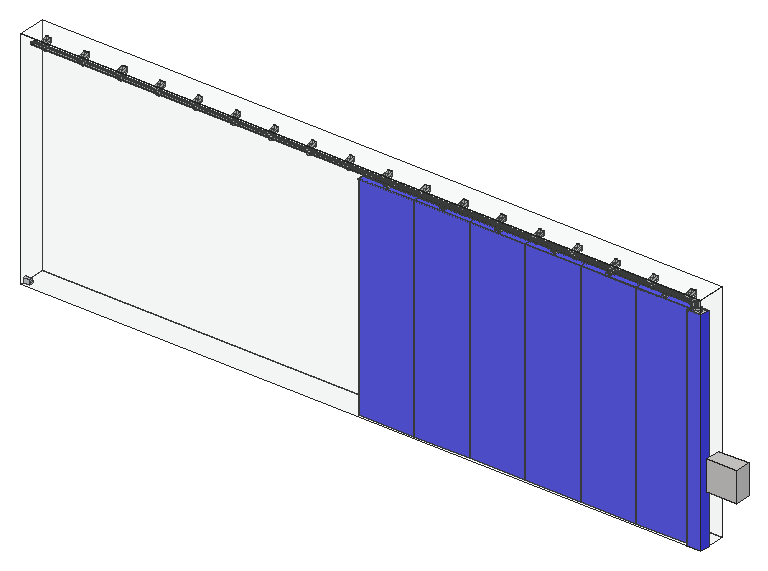
Revit family "Somati-System_SGS_Horizontal-fire-sliding-door_with-engine_9040_EI60", category Doors, host Wall, Revit 2018
Family settings
  Host = Wall
  OmniClass Number = 23.30.10.00
  OmniClass Title = Doors
  Always vertical = Yes
  Cut with Voids When Loaded = No
  Shared = No
  Room Calculation Point = No
Parameters (values of type "EI 60")
  Youtube clip = "https://www.youtube.com/watch?v=pRjbxBvixFY&feature=emb_logo"
  Wing top offset [instance] = 88 mm  # constant formula
  Wing thickness = 71.2 mm
  Wing middle offset = 80 mm
  Wing access (D) [instance] = [Width (W)] + 150 mm  # 5650 mm
  Width (W) [instance] = 5500 mm
  Weight Net (Kg) = "0"
  Uniformat II Description = ""
  Uniformat II Code = ""
  Uniclass 2015 Name = ""
  Uniclass 2015 Code = ""
  Uniclass 2.0 Description = ""
  Uniclass 2.0 Code = ""
  Uniclass 1.4 Description = ""
  Uniclass 1.4 Code = ""
  UNSPSC Code = ""
  Total height (Z) [instance] = Height Control + 315 mm  # 3815 mm
  Thickness = 0 mm
  Technical description = "https://somati-system.pl/en/download/sgs-download-en/"
  Region South America = "None"
  Region Oceania = "None"
  Region North America = "None"
  Region Middle East = "None"
  Region Europe = "AD, AL, AT, AX, BA, BE, BG, BY, CH, CY, CZ, DE, DK, EE, ES, FI, FO, FR, GB, GG, GI, GR, HR, HU, IE, IM, IS, IT, JE, LI, LT, LU, LV, MC, MD, ME, MK, MT, NL, NO, PL, PT, RO, RS, RU, SE, SI, SJ, SK, SM, UA, VA"
  Region Asia = "None"
  Region Antarctica = "None"
  Region Africa = "None"
  Rail and assembly materials [instance] = Somati - Stainless Steel - 7035
  QR code = "http://bimobject.com/somati-system/product/SGS_HORIZONTAL_FIRE_SLIDING_DOOR"
  Product url = "https://somati-system.pl/en/products/sgs-horizontal-fire-sliding-doors/"
  Product group = "SGS"
  Product family = "SGS"
  Product data url = "https://bimobject.com/somati-system/product/SGS_HORIZONTAL_FIRE_SLIDING_DOOR"
  Product certification = ""
  Product SKU = "SGS_HORIZONTAL_FIRE_SLIDING_DOOR"
  Product Guid = "8235eb12-0acf-4b60-9ca9-7613396e8d01"
  Power supply of control panel = "230V/50Hz/6A"  # constant formula
  Panel width [instance] = ([Width (W)] + 151 mm) / Number of panels in wing  # 941.833 mm
  Panel material = Somati - Stainless Steel - Custom
  Panel height [instance] = Height Control + Wing top offset  # 3588 mm
  OmniClass Description = ""
  OmniClass Code = ""
  Offset Right [instance] = 260 mm
  Offset Left [instance] = 0 mm
  Number of panels in wing [instance] = roundup([Width (W)] / 1000 mm)  # 6
  Number of hangers [instance] = ([Guide rail length (K)] - 420 mm) / 600 mm  # 18
  Nominal width = 0 mm
  Nominal height = 0 mm
  NBS Reference Description = ""
  NBS Reference Code = ""
  Model = "SGS"  # constant formula
  Max number of opening cycles = 50000  # constant formula
  Material secondary = "Composite"
  Material main = "Steel"
  Masterformat 2014 Description = ""
  Masterformat 2014 Code = ""
  Manufacturer name = "Somati System"
  Manufacturer country = "Poland"
  Manufacturer = "Somati System"  # constant formula
  Installation instructions = ""
  IFC Classification = ""
  Height Control [instance] = if([Height (H)] > 3500 mm, 3500 mm, [Height (H)])  # 3500 mm
  Height (H) [instance] = 3500 mm
  Guide rail lower edge (B1) [instance] = Height Control + 160 mm  # 3660 mm
  Guide rail length (K) [instance] = 11410 mm
  Gate Control type = "Electromagnetic brake"  # constant formula
  GTIN code = ""
  Function = Interior
  Height = 3000 mm
  Wall Closure = By host
  Width = 3000 mm
  Fire resistance = "EI 60, EI 120 n"  # constant formula
  Edition number = 1
  Design country = "Poland"
  Date of publishing = ""
  Console mounting axis (B2) [instance] = if(Height Control > 3500 mm, Height Control + 239 mm, Height Control + 179 mm)  # 3679 mm
  Clearance Area Visibility [instance] = yes
  COBIe Type Category = ""
  Buffer (A1) [instance] = [Wing access (D)] + 130 mm  # 5780 mm
  Brand url = ""
  BIMobject main category code = "doors"
  BIMobject main category = "Doors"
  BIMobject category code = "doors-fire"
  BIMobject category = "Fire Doors & Shutters"
  Available surface fnish = "Galvanized Stainless Steel PVC, MDF, HDF, laminate or veneer, STANDARD RAL 7035, 9002, 9006, 9010, and powder coating of whole RAL pallet"  # constant formula
Reference planes
  plane 1: y = 0
  plane 2 "Center (Left/Right)": x = 0
  plane 3 "Left": x = -2750
  plane 4 "Right": x = 2750
  plane 5 "Cutout height": z = 3500
  plane 6 "Exterior": y = 150
  plane 7 "Interior": y = -150
  plane 8 "Consoles mounting axis": z = 3679
  plane 9 "Total height top": z = 3815
  plane 10 "Guide rail bottom": z = 3660
  plane 11 "Wing access": x = -8400
  plane 12 "Buffer placement": x = -8530
  plane 13 "Counterweight housing": x = 3010
  plane 14 "Handle": z = 1250
  plane 15 "Wing end left": x = -2841
  plane 16 "Wing end top": z = 3588
  plane 17 "Wing end right": x = 2810
  plane 18: y = -324
  plane 19 "Wing axis": y = -230
  plane 20: y = -75
  plane 21: y = -184.9
  plane 22: y = -275.1
  plane 23: x = -2843
  plane 24 "end of hangers": x = -8190
  plane 25: x = -1040
  plane 26: x = -2795
  plane 27: y = -300.1
  plane 28: y = -159.9
  plane 29: x = -8539
  plane 30: x = -8639.5
  plane 31: x = 3010
  plane 32: x = -8530
  plane 33: z = 3740
  plane 34: x = 3180
Forms (mm)
  Sweep 1, solid
    path origin (0, -150, 0) x (1, 0, 0) y (0, 0, 1)
      loop
        line (-2750, 0) -> (-2750, 3482) -> (2750, 3482)
    profile origin (-2750, -150, 1741) x (-1, 0, 0) y (0, -1, 0)
      loop
        line (5, 33) -> (5, 4)
        arc (5, 4) -> (6.172, 1.172) -> (9, 0) r 4
        line (9, 0) -> (51, 0)
        arc (51, 0) -> (53.828, 1.172) -> (55, 4) r 4
        line (55, 4) -> (55, 29)
        arc (55, 29) -> (55.586, 30.414) -> (57, 31) r 2
        line (57, 31) -> (78, 31) -> (78, 33) -> (5, 33)
  Sweep 2, solid, material "Somati - Stainless Steel - Custom" <- "Panel material"
    path origin (0, -150, 0) x (1, 0, 0) y (0, 0, 1)
      loop
        line (-2841, 3588) -> (-2841, 0)
    profile origin (-2841, -150, 1794) x (0, -1, 0) y (1, 0, 0)
      loop
        arc (18.1, 2) -> (19.272, -0.828) -> (22.1, -2) r 4
        line (22.1, -2) -> (114.1, -2)
        arc (114.1, -2) -> (116.928, -0.828) -> (118.1, 2) r 4
        line (118.1, 2) -> (118.1, 13) -> (116.1, 13) -> (116.1, 2)
        arc (116.1, 2) -> (115.514, 0.586) -> (114.1, 0) r 2
        line (114.1, 0) -> (22.1, 0)
        arc (22.1, 0) -> (20.686, 0.586) -> (20.1, 2) r 2
        line (20.1, 2) -> (20.1, 23) -> (18.1, 23) -> (18.1, 2)
  Sweep 3, solid, material "Somati - Stainless Steel - Custom" <- "Panel material"
    path origin (0, -150, 0) x (1, 0, 0) y (0, 0, 1)
      loop
        line (-2843, 3588) -> (2810, 3588)
    profile origin (-16.5, -150, 3588) x (0, 0, 1) y (0, -1, 0)
      loop
        line (-23, 19.5) -> (-23, 17.5) -> (-2, 17.5)
        arc (-2, 17.5) -> (0.828, 18.672) -> (2, 21.5) r 4
        line (2, 21.5) -> (2, 117.5) -> (0, 117.5) -> (0, 21.5)
        arc (0, 21.5) -> (-0.586, 20.086) -> (-2, 19.5) r 2
        line (-2, 19.5) -> (-23, 19.5)
  Sweep 4, solid, material "Somati - Stainless Steel - Custom" <- "Panel material"
    path origin (0, -150, 0) x (1, 0, 0) y (0, 0, 1)
      loop
        line (3010, 3588) -> (3010, 0)
    profile origin (3010, -150, 1794) x (0, -1, 0) y (1, 0, 0)
      loop
        line (165.5, -248) -> (165.5, 0) -> (0, 0) -> (0, -251) -> (33, -251) -> (33, -202) -> (128.5, -202) -> (128.5, -248) -> (165.5, -248)
      loop
        line (2, -200) -> (131.5, -200) -> (131.5, -245) -> (161.5, -245) -> (161.5, -3) -> (2, -3) -> (2, -200)
  Sweep 5, solid, material "Somati - Stainless Steel - 7035" <- "Rail and assembly materials"
    path origin (0, -230, 0) x (0, 0, -1) y (-1, 0, 0)
      loop
        line (-3655.5, 8400) -> (-3655.5, -2809)
    profile origin (-2795.5, -230, 3655.5) x (0, 0, -1) y (0, 1, 0)
      loop
        line (-4.5, -10) -> (-7.5, -10) -> (-7.5, -17.27)
        arc (-7.5, -17.27) -> (-7.68, -17.833) -> (-8.154, -18.187) r 0.97
        line (-8.154, -18.187) -> (-21.563, -22.805)
        arc (-21.563, -22.805) -> (-22.137, -22.951) -> (-22.728, -23) r 3.578
        line (-22.728, -23) -> (-45.523, -23)
        arc (-45.523, -23) -> (-46.214, -22.714) -> (-46.5, -22.023) r 0.977
        line (-46.5, -22.023) -> (-46.5, 21.985)
        arc (-46.5, 21.985) -> (-46.203, 22.703) -> (-45.485, 23) r 1.015
        line (-45.485, 23) -> (-22.73, 23)
        arc (-22.73, 23) -> (-22.137, 22.951) -> (-21.56, 22.804) r 3.593
        line (-21.56, 22.804) -> (-8.141, 18.183)
        arc (-8.141, 18.183) -> (-7.677, 17.836) -> (-7.5, 17.283) r 0.951
        line (-7.5, 17.283) -> (-7.5, 10) -> (-4.5, 10) -> (-4.5, 19.391)
        arc (-4.5, 19.391) -> (-4.707, 20) -> (-5.242, 20.357) r 1
        line (-5.242, 20.357) -> (-20.589, 25.643)
        arc (-20.589, 25.643) -> (-21.5, 25.91) -> (-22.445, 26) r 5
        line (-22.445, 26) -> (-46.5, 26)
        arc (-46.5, 26) -> (-48.621, 25.121) -> (-49.5, 23) r 3
        line (-49.5, 23) -> (-49.5, -23)
        arc (-49.5, -23) -> (-48.621, -25.121) -> (-46.5, -26) r 3
        line (-46.5, -26) -> (-22.445, -26)
        arc (-22.445, -26) -> (-21.5, -25.91) -> (-20.589, -25.643) r 5
        line (-20.589, -25.643) -> (-5.242, -20.357)
        arc (-5.242, -20.357) -> (-4.707, -20) -> (-4.5, -19.391) r 1
        line (-4.5, -19.391) -> (-4.5, -10)
  Extrusion 6, solid, material "Clearance Areas", visible <- "Clearance Area Visibility"
    sketch origin (-2209.467, 358.585, 220.701) x (1, 0, 0) y (0, 0, -1)
      loop
        line (-6320.533, 220.701) -> (-6320.533, -3594.299) -> (5219.467, -3594.299) -> (5219.467, 220.701) -> (-6320.533, 220.701)
    from -682.585 to -208.585
  Sweep 7, solid, material "Somati - Stainless Steel - Custom" <- "Panel material", not visible
    path origin (0, -150, 0) x (1, 0, 0) y (0, 0, 1)
      loop
        line (2750, 200) -> (2750, 3588)
    profile origin (2750, -150, 1894) x (-1, 0, 0) y (0, -1, 0)
      loop
        line (-9, 0) -> (-9, 33) -> (-58, 33) -> (-58, 124) -> (-12, 124) -> (-12, 161) -> (-60, 161) -> (-60, 0) -> (-9, 0)
  Extrusion 8, solid, material "Somati - Stainless Steel - 7035" <- "Rail and assembly materials"
    sketch origin (750, -150, 250) x (1, 0, 0) y (0, 0, 1)
      loop
        line (2430, 1250) -> (2430, 750) -> (2930, 750) -> (2930, 1250) -> (2430, 1250)
    from 0 to 250
  Extrusion 9, solid, material "Somati - Stainless Steel - 7035" <- "Rail and assembly materials", not visible
    sketch origin (-1000, -150, 0) x (1, 0, 0) y (0, 0, 1)
      loop
        line (2430, 1250) -> (2430, 750) -> (2930, 750) -> (2930, 1250) -> (2430, 1250)
    from 0 to 250
Lines and regions (mm)
  Opening 1
    outline origin (-3050, -150, 0) x (1, 0, 0) y (0, 0, 1)
      loop
        line (300, 0) -> (5800, 0) -> (5800, 3500) -> (300, 3500) -> (300, 0)
  model lines, not visible
    curve 1: line (3180, -150, 1250) -> (3680, -150, 1250)
    curve 2: line (1430, -150, 1000) -> (1930, -150, 1000)
Text (mm)
  text "Exterior" at (-2295.016, 1099.543, 0), in view "Ref. Level"
  text "Exterior" at (0, 1615.38, 3698.081), in view "Left"
  text "Exterior" at (0, 1036.032, 3874.932), in view "Right"
Dimensions and locks
  equal spacing: plane 3 "Left", plane 2 "Center (Left/Right)", plane 4 "Right"
  "Width (W)": plane 3 "Left" to plane 4 "Right"
  "Height Control": plane 5 "Cutout height" to host wall
  host wall to plane 5 "Cutout height" = 3500 mm  (x2)
  locked: plane 6 "Exterior" to host wall at 0
  locked: plane 7 "Interior" to host wall
  "Total height (Z)": plane 9 "Total height top" to level
  "Console mounting axis (B2)": plane 8 "Consoles mounting axis" to level
  "Guide rail lower edge (B1)": plane 10 "Guide rail bottom" to level
  "Buffer (A1)": plane 12 "Buffer placement" to plane 3 "Left"
  locked: plane 4 "Right" to plane 13 "Counterweight housing" at 260
  "Wing access (D)": plane 11 "Wing access" to plane 3 "Left"
  locked: plane 14 "Handle" to level at 1250
  equal spacing: plane 21, plane 19 "Wing axis", plane 22
  equal spacing: group 1, group 6, group 14, group 25, group 26, group 2  (x3)
  locked: plane 4 "Right" to plane 17 "Wing end right" at 60
  "Wing top offset": plane 16 "Wing end top" to plane 5 "Cutout height"
  locked: plane 23 to plane 15 "Wing end left" at 2
  locked: Sweep 1 sketch curve to plane 5 "Cutout height" at 18
  locked: plane 24 "end of hangers" to plane 11 "Wing access" at 210
  equal spacing: group 4, group 22, group 21, group 20, group 19, group 18, group 17, group 16, group 15, group 13, group 12, group 11, group 10, group 9, group 8, group 7, group 5, group 3
  equal spacing: group 3, group 5, group 7, group 8, group 9, group 10, group 11, group 12, group 13, group 15, group 16, group 17, group 18, group 19, group 20, group 21, group 22, group 4  (x2)
  locked: plane 26 to plane 3 "Left" at 45
  locked: plane 28 to plane 21 at 25
  locked: plane 22 to plane 27 at 25
  locked: plane 15 "Wing end left" to plane 3 "Left" at 91
  locked: Sweep 4 to plane 19 "Wing axis" at 85.5
  locked: Sweep 4 sketch curve to Sweep 4 sketch curve at 3
  locked: plane 29 to plane 12 "Buffer placement" at 9
  plane 29 to plane 30 = 100.5 mm
  "Offset Left": plane 32 to plane 12 "Buffer placement"
  "Offset Right": plane 4 "Right" to plane 31
  "Wing middle offset": host wall to plane 19 "Wing axis"
  plane 9 "Total height top" to plane 5 "Cutout height" = 315 mm
  locked: plane 34 to plane 31 at 170
  plane 19 "Wing axis" to host wall = 80 mm
  plane 31 to plane 34 = 170 mm
  aligned and locked: plane 3 "Left" to Opening 1 sketch curve
  aligned and locked: plane 5 "Cutout height" to Opening 1 sketch curve  (x2)
  aligned and locked: Opening 1 sketch curve to plane 4 "Right"
  aligned and locked: Opening 1 sketch curve to level
  aligned and locked: host wall to plane 1
  aligned and locked: nested 1 to plane 19 "Wing axis"
  aligned and locked: plane 15 "Wing end left" to nested 1
  aligned and locked: plane 17 "Wing end right" to nested 2
  aligned and locked: Sweep 1 sketch curve to plane 3 "Left"
  aligned and locked: plane 3 "Left" to Sweep 1 sketch curve
  aligned and locked: plane 4 "Right" to Sweep 1 sketch curve
  aligned and locked: level to Sweep 1 sketch curve
  aligned and locked: Sweep 2 sketch curve to plane 15 "Wing end left"
  aligned and locked: plane 16 "Wing end top" to Sweep 2 sketch curve
  aligned and locked: level to Sweep 2 sketch curve
  aligned and locked: Sweep 3 sketch curve to plane 16 "Wing end top"
  aligned and locked: Sweep 3 sketch curve to plane 23
  aligned and locked: Sweep 4 sketch curve to plane 16 "Wing end top"
  aligned and locked: plane 17 "Wing end right" to Sweep 3 sketch curve
  aligned and locked: plane 19 "Wing axis" to nested 3
  aligned and locked: nested 3 to plane 4 "Right"
  aligned and locked: nested 4 to plane 24 "end of hangers"
  aligned and locked: Sweep 5 to plane 10 "Guide rail bottom"
  aligned and locked: plane 6 "Exterior" to Extrusion 6
  aligned and locked: plane 13 "Counterweight housing" to Extrusion 6
  aligned and locked: Extrusion 6 to plane 12 "Buffer placement"
  aligned and locked: Extrusion 6 to plane 18
  aligned and locked: plane 9 "Total height top" to Extrusion 6
  aligned and locked: nested 2 to plane 19 "Wing axis"
  aligned and locked: plane 19 "Wing axis" to nested 4
  aligned and locked: profile plane to Sweep 4 sketch curve
  aligned and locked: plane 17 "Wing end right" to Sweep 4 sketch curve
  aligned and locked: nested 6 to plane 19 "Wing axis"
  aligned and locked: nested 6 to plane 12 "Buffer placement"
  aligned and locked: Sweep 7 sketch curve to plane 4 "Right"
  aligned and locked: plane 16 "Wing end top" to Sweep 7 sketch curve
  aligned and locked: plane 9 "Total height top" to nested 3
  aligned and locked: plane 9 "Total height top" to nested 5
  aligned and locked: plane 11 "Wing access" to Sweep 5 sketch curve
  aligned and locked: plane 8 "Consoles mounting axis" to nested 24
  aligned and locked: nested 24 to Sweep 5 sketch curve
  aligned and locked: nested 1 to nested 24
  aligned and locked: nested 24 to Sweep 4
  aligned and locked: plane 14 "Handle" to curve 1
  aligned and locked: Extrusion 8 to plane 34
Automatic sketch dimensions
  plane 7 "Interior" to Sweep 1 sketch curve = 0 mm
  Sweep 1 sketch curve to profile plane = 5 mm
  Sweep 1 sketch curve to Sweep 1 sketch curve = 4 mm
  plane 7 "Interior" to Sweep 1 sketch curve = 4 mm
  Sweep 1 sketch curve to Sweep 1 sketch curve = 42 mm
  Sweep 1 sketch curve to Sweep 1 sketch curve = 2 mm
  Sweep 1 sketch curve to Sweep 1 sketch curve = 21 mm
  Sweep 1 sketch curve to Sweep 1 sketch curve = 25 mm
  Sweep 1 sketch curve to Sweep 1 sketch curve = 29 mm
  Sweep 2 sketch curve to Sweep 2 sketch curve = 0 mm  (x4)
  Sweep 2 sketch curve to profile plane = 0 mm
  Sweep 2 sketch curve to profile plane = 2 mm  (x2)
  plane 7 "Interior" to Sweep 2 sketch curve = 18.1 mm
  Sweep 2 sketch curve to Sweep 2 sketch curve = 2 mm
  Sweep 2 sketch curve to Sweep 2 sketch curve = 92 mm
  Sweep 2 sketch curve to Sweep 2 sketch curve = 11 mm
  Sweep 2 sketch curve to Sweep 2 sketch curve = 21 mm
  Sweep 3 sketch curve to Sweep 3 sketch curve = 0 mm  (x2)
  profile plane to Sweep 3 sketch curve = 0 mm
  profile plane to Sweep 3 sketch curve = 2 mm
  Sweep 3 sketch curve to Sweep 3 sketch curve = 21 mm
  Sweep 3 sketch curve to Sweep 3 sketch curve = 2 mm
  plane 7 "Interior" to Sweep 3 sketch curve = 17.5 mm
  Sweep 3 sketch curve to Sweep 3 sketch curve = 96 mm
  Sweep 4 sketch curve to level = 0 mm
  Sweep 4 sketch curve to plane 13 "Counterweight housing" = 0 mm
  plane 7 "Interior" to Sweep 4 sketch curve = 0 mm
  plane 7 "Interior" to Sweep 4 sketch curve = 2 mm
  Sweep 4 sketch curve to Sweep 4 sketch curve = 31 mm
  Sweep 4 sketch curve to Sweep 4 sketch curve = 95.5 mm
  Sweep 4 sketch curve to Sweep 4 sketch curve = 3 mm  (x2)
  Sweep 4 sketch curve to Sweep 4 sketch curve = 30 mm
  Sweep 4 sketch curve to Sweep 4 sketch curve = 4 mm
  Sweep 4 sketch curve to Sweep 4 sketch curve = 2 mm
  Sweep 4 sketch curve to Sweep 4 sketch curve = 45 mm
  Sweep 4 sketch curve to Sweep 4 sketch curve = 49 mm
  Extrusion 6 sketch curve to plane 9 "Total height top" = 0 mm
  Extrusion 6 sketch curve to plane 12 "Buffer placement" = 0 mm
  Extrusion 6 sketch curve to plane 13 "Counterweight housing" = 0 mm
  Extrusion 6 sketch curve to level = 0 mm
  Sweep 7 sketch curve to plane 14 "Handle" = 1050 mm
  plane 7 "Interior" to Sweep 7 sketch curve = 0 mm
  profile plane to Sweep 7 sketch curve = 60 mm
  Sweep 7 sketch curve to Sweep 7 sketch curve = 2 mm
  profile plane to Sweep 7 sketch curve = 12 mm
  profile plane to Sweep 7 sketch curve = 9 mm
  plane 7 "Interior" to Sweep 7 sketch curve = 33 mm
  Sweep 7 sketch curve to Sweep 7 sketch curve = 91 mm
  Sweep 7 sketch curve to Sweep 7 sketch curve = 37 mm
  Sweep 5 sketch curve to plane 10 "Guide rail bottom" = 4.5 mm
  profile plane to Sweep 5 sketch curve = 49.5 mm
  Sweep 5 sketch curve to Sweep 5 sketch curve = 3 mm  (x3)
  Sweep 5 sketch curve to Sweep 5 sketch curve = 0 mm
  Sweep 5 sketch curve to Sweep 5 sketch curve = 0.977 mm
  Sweep 5 sketch curve to Sweep 5 sketch curve = 1.015 mm  (x2)
  Sweep 5 sketch curve to Sweep 5 sketch curve = 22.755 mm
  Sweep 5 sketch curve to Sweep 5 sketch curve = 22.795 mm
  Sweep 5 sketch curve to Sweep 5 sketch curve = 0.282 mm
  Sweep 5 sketch curve to Sweep 5 sketch curve = 0.285 mm
  Sweep 5 sketch curve to Sweep 5 sketch curve = 1.165 mm
  Sweep 5 sketch curve to Sweep 5 sketch curve = 1.17 mm
  Sweep 5 sketch curve to Sweep 5 sketch curve = 1.857 mm  (x2)
  Sweep 5 sketch curve to Sweep 5 sketch curve = 13.093 mm
  Sweep 5 sketch curve to Sweep 5 sketch curve = 13.109 mm
  Sweep 5 sketch curve to Sweep 5 sketch curve = 0.316 mm
  Sweep 5 sketch curve to Sweep 5 sketch curve = 0.31 mm
  Sweep 5 sketch curve to Sweep 5 sketch curve = 0.951 mm
  Sweep 5 sketch curve to Sweep 5 sketch curve = 0.97 mm
  Sweep 5 sketch curve to Sweep 5 sketch curve = 2.641 mm
  Sweep 5 sketch curve to Sweep 5 sketch curve = 2.654 mm
  Sweep 5 sketch curve to Sweep 5 sketch curve = 0.258 mm  (x2)
  Sweep 5 sketch curve to Sweep 5 sketch curve = 1 mm
  Sweep 5 sketch curve to plane 19 "Wing axis" = 26 mm
  Sweep 5 sketch curve to Sweep 5 sketch curve = 0.357 mm
  Sweep 5 sketch curve to Sweep 5 sketch curve = 2 mm
  Sweep 5 sketch curve to Sweep 5 sketch curve = 0.195 mm
  Sweep 5 sketch curve to Sweep 5 sketch curve = 5.286 mm
  Sweep 5 sketch curve to Sweep 5 sketch curve = 1.204 mm
  Sweep 5 sketch curve to Sweep 5 sketch curve = 7.27 mm
  Sweep 5 sketch curve to Sweep 5 sketch curve = 20 mm
  Sweep 5 sketch curve to Sweep 5 sketch curve = 7.283 mm
  Sweep 5 sketch curve to Sweep 5 sketch curve = 2.108 mm
  Sweep 5 sketch curve to Sweep 5 sketch curve = 2.124 mm
  Sweep 5 sketch curve to Sweep 5 sketch curve = 1.593 mm
  Sweep 5 sketch curve to Sweep 5 sketch curve = 2.577 mm
  Extrusion 8 sketch curve to Extrusion 8 sketch curve = 500 mm  (x2)
  Extrusion 9 sketch curve to Extrusion 9 sketch curve = 500 mm  (x2)
  curve 1 to curve 1 = 500 mm
  curve 2 to curve 2 = 500 mm
Nested families
  nested 1: "Family2" at (-2370.083, -230, 0), Material <- "Panel material", Width <- "Panel width", Thickness <- "Wing thickness", Height <- "Panel height", type "Family2"
    with Width 941.833 mm, Thickness 71.2 mm, Material Somati - Stainless Steel - Custom, Height 3588 mm
  nested 2: "Family2" at (2339.083, -230, 0), Material <- "Panel material", Width <- "Panel width", Thickness <- "Wing thickness", Height <- "Panel height", type "Family2"
    with Width 941.833 mm, Thickness 71.2 mm, Material Somati - Stainless Steel - Custom, Height 3588 mm
  nested 3: "Family3" at (2716, -230, 3725) x (0, 1, 0) z (1, 0, 0), type "Family3", detail levels medium+fine
  nested 4: "Family3" at (-8224, -230, 3725) x (0, 1, 0) z (1, 0, 0), type "Family3", detail levels medium+fine
  nested 5: "Family3" at (2072.471, -230, 3725) x (0, 1, 0) z (1, 0, 0), type "Family3", detail levels medium+fine
  nested 6: "Stopper" at (-8480.037, -230, 0), type "Stopper", detail levels medium+fine
  nested 7: "Family2" at (-1428.25, -230, 0), Material <- "Panel material", Width <- "Panel width", Thickness <- "Wing thickness", Height <- "Panel height", type "Family2"
    with Width 941.833 mm, Thickness 71.2 mm, Material Somati - Stainless Steel - Custom, Height 3588 mm
  nested 8: "Family3" at (1428.941, -230, 3725) x (0, 1, 0) z (1, 0, 0), type "Family3", detail levels medium+fine
  nested 9: "Family3" at (785.412, -230, 3725) x (0, 1, 0) z (1, 0, 0), type "Family3", detail levels medium+fine
  nested 10: "Family3" at (141.882, -230, 3725) x (0, 1, 0) z (1, 0, 0), type "Family3", detail levels medium+fine
  nested 11: "Family3" at (-501.647, -230, 3725) x (0, 1, 0) z (1, 0, 0), type "Family3", detail levels medium+fine
  nested 12: "Family3" at (-1145.176, -230, 3725) x (0, 1, 0) z (1, 0, 0), type "Family3", detail levels medium+fine
  nested 13: "Family3" at (-1788.706, -230, 3725) x (0, 1, 0) z (1, 0, 0), type "Family3", detail levels medium+fine
  nested 14: "Family3" at (-2432.235, -230, 3725) x (0, 1, 0) z (1, 0, 0), type "Family3", detail levels medium+fine
  nested 15: "Family2" at (-486.417, -230, 0), Material <- "Panel material", Width <- "Panel width", Thickness <- "Wing thickness", Height <- "Panel height", type "Family2"
    with Width 941.833 mm, Thickness 71.2 mm, Material Somati - Stainless Steel - Custom, Height 3588 mm
  nested 16: "Family3" at (-3075.765, -230, 3725) x (0, 1, 0) z (1, 0, 0), type "Family3", detail levels medium+fine
  nested 17: "Family3" at (-3719.294, -230, 3725) x (0, 1, 0) z (1, 0, 0), type "Family3", detail levels medium+fine
  nested 18: "Family3" at (-4362.824, -230, 3725) x (0, 1, 0) z (1, 0, 0), type "Family3", detail levels medium+fine
  nested 19: "Family3" at (-5006.353, -230, 3725) x (0, 1, 0) z (1, 0, 0), type "Family3", detail levels medium+fine
  nested 20: "Family3" at (-5649.882, -230, 3725) x (0, 1, 0) z (1, 0, 0), type "Family3", detail levels medium+fine
  nested 21: "Family3" at (-6293.412, -230, 3725) x (0, 1, 0) z (1, 0, 0), type "Family3", detail levels medium+fine
  nested 22: "Family3" at (-6936.941, -230, 3725) x (0, 1, 0) z (1, 0, 0), type "Family3", detail levels medium+fine
  nested 23: "Family3" at (-7580.471, -230, 3725) x (0, 1, 0) z (1, 0, 0), type "Family3", detail levels medium+fine
  nested 24: "Family1500" at (2887, -230, 3456), type "Family1500"
  nested 25: "Family2" at (455.417, -230, 0), Material <- "Panel material", Width <- "Panel width", Thickness <- "Wing thickness", Height <- "Panel height", type "Family2"
    with Width 941.833 mm, Thickness 71.2 mm, Material Somati - Stainless Steel - Custom, Height 3588 mm
  nested 26: "Family2" at (1397.25, -230, 0), Material <- "Panel material", Width <- "Panel width", Thickness <- "Wing thickness", Height <- "Panel height", type "Family2"
    with Width 941.833 mm, Thickness 71.2 mm, Material Somati - Stainless Steel - Custom, Height 3588 mm
Definition of nested family "Family2"
  Parameters (values of type "Family2")
    Width [instance] = 349.761 mm
    Thickness [instance] = 117.742 mm
    Material [instance] = none
    Height [instance] = 398.765 mm
    Hardware material = none
  Reference planes
    plane 1 "Center (Front/Back)": y = 0
    plane 2: z = 0
    plane 3 "Center (Left/Right)": x = 0
    plane 4: x = -174.88
    plane 5: x = 174.88
    plane 6: y = 58.871
    plane 7: y = -58.871
    plane 8: z = 398.765
  Forms (mm)
    Extrusion 1, solid, material <- "Material"
      sketch origin (0, 0, 0) x (1, 0, 0) y (0, 1, 0)
        loop
          line (-174.88, -58.871) -> (174.88, -58.871) -> (174.88, 58.871) -> (-174.88, 58.871) -> (-174.88, -58.871)
      from 0 to 398.765
  Dimensions and locks
    equal spacing: plane 4, plane 3 "Center (Left/Right)", plane 5
    "Width": plane 4 to plane 5
    equal spacing: plane 6, plane 1 "Center (Front/Back)", plane 7
    "Thickness": plane 6 to plane 7
    "Height": plane 8 to plane 2
    aligned and locked: level to plane 2
    aligned and locked: plane 6 to Extrusion 1
    aligned and locked: Extrusion 1 to plane 7
    aligned and locked: Extrusion 1 to plane 4
    aligned and locked: plane 5 to Extrusion 1
    aligned and locked: plane 6 to Extrusion 1 sketch curve
    aligned and locked: Extrusion 1 sketch curve to plane 7
    aligned and locked: Extrusion 1 sketch curve to plane 4
    aligned and locked: plane 5 to Extrusion 1 sketch curve
    aligned and locked: plane 8 to Extrusion 1
    aligned and locked: plane 3 "Center (Left/Right)" to nested 1
    aligned and locked: plane 1 "Center (Front/Back)" to nested 1
    aligned and locked: nested 1 to plane 8
  Nested families
    nested 1: "Family1" at (0, 0, 491.765), type "Family1", detail levels medium+fine
  Definition of nested family "Family1"
    Parameters (values of type "Family1")
      Material = none
    Reference planes
      plane 1 "Center (Front/Back)": y = 0
      plane 2: z = 0
      plane 3 "Center (Left/Right)": x = 0
      plane 4: y = 1.5
      plane 5: y = -1.5
      plane 6: z = -93
    Forms (mm)
      Extrusion 1, solid, material <- "Material"
        sketch origin (0, 0, 0) x (0, 1, 0) y (0, 0, 1)
          loop
            line (11, -54) -> (-26.5, -54) -> (-26.5, -60) -> (11, -60)
            arc (11, -60) -> (16.303, -57.803) -> (18.5, -52.5) r 7.5
            line (18.5, -52.5) -> (18.5, -45.5)
            arc (18.5, -45.5) -> (16.303, -40.197) -> (11, -38) r 7.5
            line (11, -38) -> (9, -38)
            arc (9, -38) -> (4.757, -36.243) -> (3, -32) r 6
            line (3, -32) -> (3, 17.5) -> (-3, 17.5) -> (-3, -32)
            arc (-3, -32) -> (0.515, -40.485) -> (9, -44) r 12
            line (9, -44) -> (11, -44)
            arc (11, -44) -> (12.061, -44.439) -> (12.5, -45.5) r 1.5
            line (12.5, -45.5) -> (12.5, -52.5)
            arc (12.5, -52.5) -> (12.061, -53.561) -> (11, -54) r 1.5
        from -45 to 45
      Revolve 2, solid, material <- "Material"
        sketch origin (0, 0, 0) x (1, 0, 0) y (0, 0, 1)
          loop
            arc (8.25, -46) -> (4.244, -44.507) -> (0, -44) r 18.016
            line (0, -44) -> (0, -184) -> (6.5, -184) -> (8, -182.5) -> (8, -91) -> (10.125, -91)
            arc (10.125, -91) -> (11.933, -90.664) -> (13.5, -89.7) r 5.031
            line (13.5, -89.7) -> (13.5, -84.8)
            arc (13.5, -84.8) -> (12.037, -83.478) -> (10.125, -83) r 4.064
            line (10.125, -83) -> (8, -83) -> (8, -71) -> (10.125, -71)
            arc (10.125, -71) -> (11.933, -70.664) -> (13.5, -69.7) r 5.031
            line (13.5, -69.7) -> (13.5, -64.8)
            arc (13.5, -64.8) -> (12.037, -63.478) -> (10.125, -63) r 4.064
            line (10.125, -63) -> (15, -63) -> (15, -60) -> (8, -60) -> (8, -54) -> (16.5, -54) -> (16.5, -46)
            arc (16.5, -46) -> (12.375, -44) -> (8.25, -46) r 5.254
          axis (0, -44) -> (0, -184)
        angle from 0 to 360
      Extrusion 3, void
        sketch origin (0, 0, 0) x (1, 0, 0) y (0, 0, 1)
          loop
            line (45, -25) -> (45, 17.5) -> (-45, 17.5) -> (-45, -25)
            arc (-45, -25) -> (0, 15) -> (45, -25) r 45.312
        from -23 to 30.5
      Extrusion 4, solid, material <- "Material"
        sketch origin (0, 0, 0) x (1, 0, 0) y (0, 0, 1)
          loop
            circle (70, 0) r 17
        from -17 to -7
      Sweep 5, void
        path in 3D
          loop
            arc (87, 7, 0) -> (70, 7, -17) -> (53, 7, 0) r 17
            arc (53, 7, 0) -> (70, 7, 17) -> (87, 7, 0) r 17
        profile origin (70, 7, 17) x (0, 0, 1) y (0, -1, 0)
          loop
            line (-1.5, 0) -> (0, -1.5) -> (0.954, -0.546) -> (-0.546, 0.954) -> (-1.5, 0)
      Sweep 6, void
        path in 3D
          loop
            arc (87, 17, 0) -> (70, 17, -17) -> (53, 17, 0) r 17
            arc (53, 17, 0) -> (70, 17, 17) -> (87, 17, 0) r 17
        profile origin (70, 17, 17) x (0, 0, -1) y (0, 1, 0)
          loop
            line (1.5, 0) -> (0.546, 0.954) -> (-0.954, -0.546) -> (0, -1.5) -> (1.5, 0)
      Extrusion 7, solid, material <- "Material"
        sketch origin (0, 0, 0) x (1, 0, 0) y (0, 0, 1)
          loop
            circle (70, 0) r 9
        from -7 to -3
      Extrusion 8, solid, material <- "Material"
        sketch origin (0, 0, 0) x (1, 0, 0) y (0, 0, -1)
          loop
            circle (70, 0) r 17
        from -17 to -7
      Sweep 9, void
        path in 3D
          loop
            arc (53, -7, 0) -> (70, -7, -17) -> (87, -7, 0) r 17
            arc (87, -7, 0) -> (70, -7, 17) -> (53, -7, 0) r 17
        profile origin (70, -7, 17) x (0, 0, 1) y (0, 1, 0)
          loop
            line (-1.5, 0) -> (0, -1.5) -> (0.954, -0.546) -> (-0.546, 0.954) -> (-1.5, 0)
      Sweep 10, void
        path in 3D
          loop
            arc (87, -17, 0) -> (70, -17, -17) -> (53, -17, 0) r 17
            arc (53, -17, 0) -> (70, -17, 17) -> (87, -17, 0) r 17
        profile origin (70, -17, 17) x (0, 0, 1) y (0, -1, 0)
          loop
            line (-1.5, 0) -> (0, -1.5) -> (0.954, -0.546) -> (-0.546, 0.954) -> (-1.5, 0)
      Extrusion 11, solid, material <- "Material"
        sketch origin (0, 0, 0) x (1, 0, 0) y (0, 0, -1)
          loop
            circle (70, 0) r 9
        from -7 to -3
      Extrusion 12, solid, material <- "Material"
        sketch origin (0, 0, 0) x (-1, 0, 0) y (0, 0, -1)
          loop
            circle (70, 0) r 17
        from -17 to -7
      Sweep 13, void
        path in 3D
          loop
            arc (-53, 7, 0) -> (-70, 7, -17) -> (-87, 7, 0) r 17
            arc (-87, 7, 0) -> (-70, 7, 17) -> (-53, 7, 0) r 17
        profile origin (-70, 7, 17) x (0, 0, 1) y (0, -1, 0)
          loop
            line (-1.5, 0) -> (0, -1.5) -> (0.954, -0.546) -> (-0.546, 0.954) -> (-1.5, 0)
      Sweep 14, void
        path in 3D
          loop
            arc (-87, 17, 0) -> (-70, 17, -17) -> (-53, 17, 0) r 17
            arc (-53, 17, 0) -> (-70, 17, 17) -> (-87, 17, 0) r 17
        profile origin (-70, 17, 17) x (0, 0, 1) y (0, 1, 0)
          loop
            line (-1.5, 0) -> (0, -1.5) -> (0.954, -0.546) -> (-0.546, 0.954) -> (-1.5, 0)
      Extrusion 15, solid, material <- "Material"
        sketch origin (0, 0, 0) x (-1, 0, 0) y (0, 0, -1)
          loop
            circle (70, 0) r 9
        from -7 to -1.5
      Extrusion 16, solid, material <- "Material"
        sketch origin (0, 0, 0) x (-1, 0, 0) y (0, 0, 1)
          loop
            circle (70, 0) r 17
        from -17 to -7
      Sweep 17, void
        path in 3D
          loop
            arc (-87, -7, 0) -> (-70, -7, -17) -> (-53, -7, 0) r 17
            arc (-53, -7, 0) -> (-70, -7, 17) -> (-87, -7, 0) r 17
        profile origin (-70, -7, 17) x (0, 0, 1) y (0, 1, 0)
          loop
            line (-1.5, 0) -> (0, -1.5) -> (0.954, -0.546) -> (-0.546, 0.954) -> (-1.5, 0)
      Sweep 18, void
        path in 3D
          loop
            arc (-87, -17, 0) -> (-70, -17, -17) -> (-53, -17, 0) r 17
            arc (-53, -17, 0) -> (-70, -17, 17) -> (-87, -17, 0) r 17
        profile origin (-70, -17, 17) x (0, 0, -1) y (0, -1, 0)
          loop
            line (1.5, 0) -> (0.546, 0.954) -> (-0.954, -0.546) -> (0, -1.5) -> (1.5, 0)
      Extrusion 19, solid, material <- "Material"
        sketch origin (0, 0, 0) x (-1, 0, 0) y (0, 0, 1)
          loop
            circle (70, 0) r 9
        from -7 to -1.5
      Extrusion 20, solid, material <- "Material"
        sketch origin (0, 0, 0) x (1, 0, 0) y (0, 0, 1)
          loop
            line (87, 17.5) -> (-87, 17.5)
            arc (-87, 17.5) -> (-89.121, 16.621) -> (-90, 14.5) r 3
            line (-90, 14.5) -> (-90, -14.5)
            arc (-90, -14.5) -> (-89.121, -16.621) -> (-87, -17.5) r 3
            line (-87, -17.5) -> (-50, -17.5) -> (-50, -12.5) -> (-24.592, -12.5) -> (24.592, -12.5) -> (50, -12.5) -> (50, -17.5) -> (87, -17.5)
            arc (87, -17.5) -> (89.121, -16.621) -> (90, -14.5) r 3
            line (90, -14.5) -> (90, 14.5)
            arc (90, 14.5) -> (89.121, 16.621) -> (87, 17.5) r 3
        from -1.5 to 1.5
      Revolve 21, solid, material <- "Material"
        sketch origin (0, 0, 0) x (0, 1, 0) y (0, 0, 1)
          loop
            arc (-22.5, -52.2) -> (-24.522, -52.351) -> (-26.5, -52.8) r 13.633
            line (-26.5, -52.8) -> (-26.5, -54) -> (-22.5, -54) -> (-22.5, -52.2)
          axis (-22.5, -54) -> (-22.5, -52.2)
        angle from 0 to 360
    Cuts and joins
      Extrusion 3 cuts Extrusion 1
      Sweep 5, Sweep 6, Sweep 9, Sweep 10, Sweep 13, Sweep 14 cuts Extrusion 4
      Sweep 9, Sweep 10, Sweep 17, Sweep 18 cuts Extrusion 8
      Sweep 13, Sweep 14 cuts Extrusion 12
      Sweep 17, Sweep 18 cuts Extrusion 16
    Lines and regions (mm)
      sketch lines
        curve 1: arc (53, 7, 0) -> (70, 7, 17) -> (87, 7, 0) r 17
        curve 2: arc (87, 7, 0) -> (70, 7, -17) -> (53, 7, 0) r 17
        curve 3: arc (53, 17, 0) -> (70, 17, 17) -> (87, 17, 0) r 17
        curve 4: arc (87, 17, 0) -> (70, 17, -17) -> (53, 17, 0) r 17
        curve 5: arc (87, -7, 0) -> (70, -7, 17) -> (53, -7, 0) r 17
        curve 6: arc (53, -7, 0) -> (70, -7, -17) -> (87, -7, 0) r 17
        curve 7: arc (53, -17, 0) -> (70, -17, 17) -> (87, -17, 0) r 17
        curve 8: arc (87, -17, 0) -> (70, -17, -17) -> (53, -17, 0) r 17
        curve 9: arc (-87, 7, 0) -> (-70, 7, 17) -> (-53, 7, 0) r 17
        curve 10: arc (-53, 7, 0) -> (-70, 7, -17) -> (-87, 7, 0) r 17
        curve 11: arc (-53, 17, 0) -> (-70, 17, 17) -> (-87, 17, 0) r 17
        curve 12: arc (-87, 17, 0) -> (-70, 17, -17) -> (-53, 17, 0) r 17
        curve 13: arc (-53, -7, 0) -> (-70, -7, 17) -> (-87, -7, 0) r 17
        curve 14: arc (-87, -7, 0) -> (-70, -7, -17) -> (-53, -7, 0) r 17
        curve 15: arc (-53, -17, 0) -> (-70, -17, 17) -> (-87, -17, 0) r 17
        curve 16: arc (-87, -17, 0) -> (-70, -17, -17) -> (-53, -17, 0) r 17
    Dimensions and locks
      aligned and locked: level to plane 2
Definition of nested family "Family3"
  Parameters (values of type "Family3")
    Material = none
    Default Elevation = 1219.2 mm
  Reference planes
    plane 1 "Center (Front/Back)": y = 0
    plane 2: z = 0
    plane 3 "Center (Left/Right)": x = 0
    plane 4: z = 34
    plane 5: y = -35.027
  Forms (mm)
    Extrusion 1, solid, material <- "Material"
      sketch origin (-42.203, -131.551, 0) x (1, 0, 0) y (0, 1, 0)
        loop
          arc (19.203, 116.051) -> (13.899, 113.854) -> (11.703, 108.551) r 7.5
          line (11.703, 108.551) -> (11.703, 84.496)
          arc (11.703, 84.496) -> (11.874, 82.7) -> (12.382, 80.969) r 9.5
          line (12.382, 80.969) -> (17.498, 66.134)
          arc (17.498, 66.134) -> (19.461, 63.19) -> (22.812, 62.051) r 5.5
          line (22.812, 62.051) -> (32.203, 62.051) -> (32.203, 66.551) -> (22.812, 66.551)
          arc (22.812, 66.551) -> (22.203, 66.758) -> (21.846, 67.293) r 1
          line (21.846, 67.293) -> (16.56, 82.64)
          arc (16.56, 82.64) -> (16.293, 83.551) -> (16.203, 84.496) r 5
          line (16.203, 84.496) -> (16.203, 108.551)
          arc (16.203, 108.551) -> (17.081, 110.672) -> (19.203, 111.551) r 3
          line (19.203, 111.551) -> (65.203, 111.551)
          arc (65.203, 111.551) -> (67.324, 110.672) -> (68.203, 108.551) r 3
          line (68.203, 108.551) -> (68.203, 84.496)
          arc (68.203, 84.496) -> (68.112, 83.551) -> (67.845, 82.64) r 5
          line (67.845, 82.64) -> (62.56, 67.293)
          arc (62.56, 67.293) -> (62.203, 66.758) -> (61.593, 66.551) r 1
          line (61.593, 66.551) -> (52.203, 66.551) -> (52.203, 62.051) -> (61.593, 62.051)
          arc (61.593, 62.051) -> (64.944, 63.19) -> (66.908, 66.134) r 5.5
          line (66.908, 66.134) -> (72.023, 80.969)
          arc (72.023, 80.969) -> (72.531, 82.7) -> (72.703, 84.496) r 9.5
          line (72.703, 84.496) -> (72.703, 108.551)
          arc (72.703, 108.551) -> (70.506, 113.854) -> (65.203, 116.051) r 7.5
          line (65.203, 116.051) -> (19.203, 116.051)
      from 0 to 68
    Revolve 2, solid, material <- "Material"
      sketch origin (0, 0, 30.25) x (1, 0, 0) y (0, 1, 0)
        loop
          line (0, -15.5) -> (8, -15.5) -> (8, 14) -> (10.125, 14)
          arc (10.125, 14) -> (11.933, 14.336) -> (13.5, 15.3) r 5.031
          line (13.5, 15.3) -> (13.5, 20.2)
          arc (13.5, 20.2) -> (12.038, 21.522) -> (10.125, 22) r 4.064
          line (10.125, 22) -> (15, 22) -> (15, 25) -> (0, 25) -> (0, -15.5)
        loop
          line (15, 33) -> (10.125, 33)
          arc (10.125, 33) -> (11.933, 33.336) -> (13.5, 34.3) r 5.031
          line (13.5, 34.3) -> (13.5, 39.2)
          arc (13.5, 39.2) -> (12.037, 40.522) -> (10.125, 41) r 4.064
          line (10.125, 41) -> (8, 41) -> (8, 73) -> (6.5, 74.5) -> (0, 74.5) -> (0, 30) -> (15, 30) -> (15, 33)
        axis (0, 74.5) -> (0, -15.5)
      angle from 0 to 360
    Extrusion 3, solid, material <- "Material"
      sketch origin (0, 0, 0) x (0, 1, 0) y (0, 0, -1)
        loop
          line (80, 7.25) -> (31, 7.25)
          arc (31, 7.25) -> (26.757, 5.493) -> (25, 1.25) r 6
          line (25, 1.25) -> (25, -61.75)
          arc (25, -61.75) -> (26.757, -65.993) -> (31, -67.75) r 6
          line (31, -67.75) -> (80, -67.75) -> (80, -62.75) -> (31, -62.75)
          arc (31, -62.75) -> (30.293, -62.457) -> (30, -61.75) r 1
          line (30, -61.75) -> (30, 1.25)
          arc (30, 1.25) -> (30.293, 1.957) -> (31, 2.25) r 1
          line (31, 2.25) -> (80, 2.25) -> (80, 7.25)
      from -75 to 75
    Extrusion 4, solid, material <- "Material"
      sketch origin (0, 0, 0) x (0, 1, 0) y (0, 0, -1)
        loop
          line (10, -67.75) -> (90, -67.75) -> (90, 7.25) -> (10, 7.25) -> (10, -67.75)
      from -80 to -75
    Extrusion 5, void
      sketch origin (0, 0, 0) x (-1, 0, 0) y (0, -1, 0)
        loop
          line (75, -80) -> (75, -40) -> (-75, -80) -> (75, -80)
      from -7.25 to 68
  Cuts and joins
    Extrusion 5 cuts Extrusion 3
  Dimensions and locks
    aligned and locked: level to plane 2
Definition of nested family "Stopper"
  Parameters (values of type "Stopper")
    Material = none
  Reference planes
    plane 1 "Center (Front/Back)": y = 0
    plane 2: z = 0
    plane 3 "Center (Left/Right)": x = 0
  Forms (mm)
    Extrusion 1, solid
      sketch origin (0, -69.316, 40.1) x (1, 0, 0) y (0, 1, 0)
        loop
          line (-49.963, 50.816) -> (50, 50.816) -> (50, 87.816) -> (-49.963, 87.816) -> (-49.963, 50.816)
      from -40 to 40
    Revolve 2, solid, material <- "Material"
      sketch origin (0, -18.5, 40.1) x (1, 0, 0) y (0, 1, 0)
        loop
          line (50, 36.9) -> (50, 18.5) -> (67.112, 18.5) -> (67.112, 36.9) -> (50, 36.9)
        axis (50, 18.5) -> (67.112, 18.5)
      angle from 0 to 360
  Dimensions and locks
    aligned and locked: level to plane 2
Definition of nested family "Family1500"
  Parameters (values of type "Family1500")
    Material = none
  Reference planes
    plane 1 "Center (Front/Back)": y = 0
    plane 2: z = 0
    plane 3 "Center (Left/Right)": x = 0
  Forms (mm)
    Revolve 1, solid, material <- "Material"
      sketch origin (0, 0, 0) x (1, 0, 0) y (0, 0, 1)
        loop
          line (0, 178) -> (0, 0) -> (25, 0) -> (25, 15) -> (47.5, 15) -> (55, 30) -> (55, 146) -> (47.5, 161) -> (47.5, 170) -> (35, 170) -> (35, 178) -> (0, 178)
        axis (0, 178) -> (0, 0)
      angle from 0 to 360
    Revolve 2, solid, material <- "Material"
      sketch origin (0, 0, 0) x (1, 0, 0) y (0, 0, 1)
        loop
          line (45.53, 82.5) -> (60, 82.5) -> (60, 105) -> (45.53, 105) -> (45.53, 82.5)
        axis (45.53, 82.5) -> (60, 82.5)
      angle from 0 to 360
    Extrusion 3, solid, material <- "Material"
      sketch origin (0, 0, 0) x (1, 0, 0) y (0, 0, 1)
        loop
          line (60, 125) -> (60, -5) -> (120, -5) -> (120, 125) -> (60, 125)
      from -55.377 to 55.481
    Extrusion 4, solid, material <- "Material"
      sketch origin (0, 0, 0) x (1, 0, 0) y (0, 0, 1)
        loop
          line (-68, 258) -> (-68, 178) -> (29, 178) -> (29, 258) -> (-68, 258)
      from 0 to 22.938
    Extrusion 5, solid, material <- "Material"
      sketch origin (0, 0, 0) x (1, 0, 0) y (0, 0, 1)
        loop
          circle (-28, 218) r 27.5
      from 0 to 47.742
    Extrusion 6, solid, material <- "Material"
      sketch origin (0, 0, 0) x (1, 0, 0) y (0, 0, 1)
        loop
          circle (-28, 218) r 38.5
      from 0 to 32.096
    Extrusion 7, solid, material <- "Material"
      sketch origin (0, 0, 0) x (1, 0, 0) y (0, 0, 1)
        loop
          line (-78, 281) -> (-78, 161) -> (-68, 161) -> (-68, 281) -> (-78, 281)
      from 47.742 to -47.228
  Lines and regions (mm)
    reference lines
      curve 1: line (-78, 0, 258) -> (-278, 0, 258)
      curve 2: line (-78, 0, 223) -> (-278, 0, 223)
  Dimensions and locks
    aligned and locked: level to plane 2
